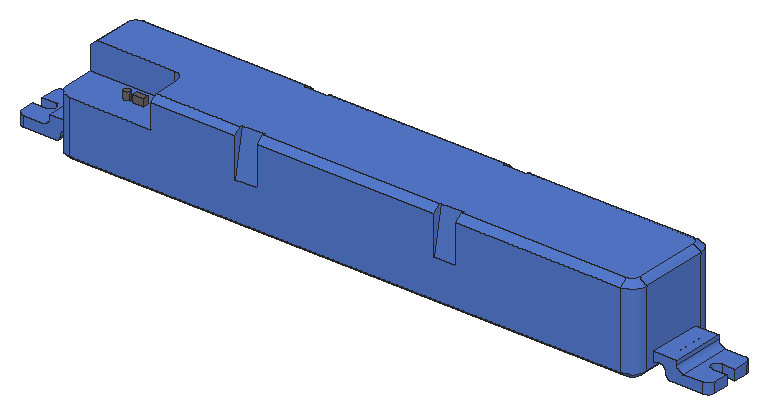
Revit family "3502A_NX_In_Fiture_Module_Inline", category Communication Devices, host Face, Revit 2014
Parameters
  Warranty = "5-Years Warranty"  # constant formula
  Voltage = 120 V
  Type Comments = "In-Fixture Module- Inline\r"  # constant formula
  Product Page URL = "https://www.hubbell.com/hubbellcontrolsolutions/en/Products/Lighting-Controls/Lighting-Controls-Sensors/NX-Distributed-Intelligence-Lighting-Controls/NX-In-Fixture-Module---Inline/p/2496691"
  Product Documentation Link = "https://hubbellcdn.com/specsheet/3502A_NX_In_Fixture_Module_Inline_Specification_Sheet.pdf"
  URL = "https://www.hubbell.com/hubbellcontrolsolutions/en"
  Model = " NXFM series in-fixture module"  # constant formula
  Manufacturer = "Hubbell Control Solutions"  # constant formula
  Sensing Element = Paint - Hubbell - Carbon Black
  Features = "Designed for installation within luminaire housing\r\n• Universal Voltage, 120 - 347V\r\n• Space saving in-line flying leads, connector and mounting tabs\r\n• Integral relay for On/Off control\r\n• Continuous dimming 0 - 10V\r\n• Second dimming channel for variable color temperature\r\n• Compatible with SpectraSync™ enabled luminaires\r\n• Wireless programming via free Smart Device App*\r\n• Create and download schedules via Smart Device App*\r\n• SmartPORT™ technology for plug-in control and radio options\r\n• Suitable for indoor and outdoor applications\r\n• 5 year limited warranty"  # constant formula
  Electrical Rating = "Input: 120-347VAC, 10A Max, 50-60Hz\r\nOutput: 10A, 120VAC only Incandescent\r\n 10A, 120-347VAC, Magnetic Ballast\r\n 5A, 120-277VAC, Electronic Ballast\r\n 3A, 347VAC, Electronic Ballast\r\nSurge Withstand: 2000V\r\nPeak Inrush: 160A for 2 ms Max"  # constant formula
  Description = "It enables a complete control solution for a single luminaire"  # constant formula
  Default Elevation = 48.00"
  Create Date = "10/15/2018"
  Copyright = "Copyright © 2018 Hubbell Control Solutions"  # constant formula
  Contact Us = "https://www.hubbell.com/hubbellcontrolsolutions/en/contactUs?productId=220947"
  Housing Material = Metal-Hubbell-Aluminum Anodized Blue
  Certifications = "Conforms with UL916 and Certified to CAN/CSA C22.2 No. 205-M1983\r\nIC Approved"
  Assembly Code = "D5090"
  Apparent Load = 0 VA
Reference planes (in)
  plane 1 "Center (Front/Back)": y = 11.68155
  plane 2: z = 0
  plane 3 "Center (Left/Right)": x = 0
  plane 4: z = 1.38
  plane 5: y = 11.98155
  plane 6: y = 11.38155
  plane 7: x = -3.95
  plane 8: x = 3.95
  plane 9: x = 3.3
  plane 10: x = -3.3
Forms (in)
  Extrusion 1, solid, material "Metal-Hubbell-Aluminum Anodized Blue" <- "Housing Material"
    sketch origin (0, 0, 0) x (1, 0, 0) y (0, 1, 0)
      loop
        arc (-3.13909, 12.23155) -> (-3.25287, 12.18442) -> (-3.3, 12.07064) r 0.16091
        line (-3.3, 12.07064) -> (-3.3, 11.29078)
        arc (-3.3, 11.29078) -> (-3.25337, 11.17819) -> (-3.14078, 11.13155) r 0.15922
        line (-3.14078, 11.13155) -> (3.14, 11.13155)
        arc (3.14, 11.13155) -> (3.25314, 11.17842) -> (3.3, 11.29155) r 0.16
        line (3.3, 11.29155) -> (3.3, 12.07155)
        arc (3.3, 12.07155) -> (3.25314, 12.18469) -> (3.14, 12.23155) r 0.16
        line (3.14, 12.23155) -> (-3.13909, 12.23155)
    from 1 to 0
  Extrusion 2, solid, material "Metal-Hubbell-Aluminum Anodized Blue" <- "Housing Material"
    sketch origin (0, 11.68155, 0) x (1, 0, 0) y (0, 0, 1)
      loop
        line (-3.95, 0) -> (-3.50334, 0)
        arc (-3.50334, 0) -> (-3.46562, 0.01562) -> (-3.45, 0.05334) r 0.05334
        arc (-3.45, 0.05334) -> (-3.39538, 0.13419) -> (-3.3, 0.11369) r 0.08714
        line (-3.3, 0.11369) -> (-3.3, 0.23146) -> (-3.56974, 0.23146) -> (-3.56974, 0.18777)
        arc (-3.56974, 0.18777) -> (-3.59144, 0.13539) -> (-3.64382, 0.11369) r 0.07408
        line (-3.64382, 0.11369) -> (-3.95, 0.11369) -> (-3.95, 0)
      loop
        line (3.95, 0) -> (3.95, 0.11369) -> (3.64382, 0.11369)
        arc (3.64382, 0.11369) -> (3.59144, 0.13539) -> (3.56974, 0.18777) r 0.07408
        line (3.56974, 0.18777) -> (3.56974, 0.23146) -> (3.3, 0.23146) -> (3.3, 0.11369)
        arc (3.3, 0.11369) -> (3.39538, 0.13419) -> (3.45, 0.05334) r 0.08714
        arc (3.45, 0.05334) -> (3.46562, 0.01562) -> (3.50334, 0) r 0.05334
        line (3.50334, 0) -> (3.95, 0)
    from 0.3 to -0.3
  Sweep 3, void
    path in 3D
      loop
        arc (-3.13909, 12.23155, 1) -> (-3.25287, 12.18442, 1) -> (-3.3, 12.07064, 1) r 0.16091
        line (-3.3, 12.07064, 1) -> (-3.3, 11.29078, 1)
        arc (-3.3, 11.29078, 1) -> (-3.25337, 11.17819, 1) -> (-3.14078, 11.13155, 1) r 0.15922
        line (-3.14078, 11.13155, 1) -> (3.14, 11.13155, 1)
        arc (3.14, 11.13155, 1) -> (3.25314, 11.17842, 1) -> (3.3, 11.29155, 1) r 0.16
        line (3.3, 11.29155, 1) -> (3.3, 12.07155, 1)
        arc (3.3, 12.07155, 1) -> (3.25314, 12.18469, 1) -> (3.14, 12.23155, 1) r 0.16
        line (3.14, 12.23155, 1) -> (-3.13909, 12.23155, 1)
    profile origin (0.00046, 12.23155, 1) x (0, -1, 0) y (0, 0, 1)
      loop
        line (-0.05305, 0.02815) -> (-0.05305, -0.14827)
        arc (-0.05305, -0.14827) -> (0.02539, -0.03978) -> (0.14076, 0.02815) r 0.32681
        line (0.14076, 0.02815) -> (-0.05305, 0.02815)
  Extrusion 4, void
    sketch origin (0, 0, 0) x (1, 0, 0) y (0, 1, 0)
      loop
        line (-3.3, 11.13155) -> (-2.21869, 11.13155) -> (-2.21869, 11.49441)
        arc (-2.21869, 11.49441) -> (-2.25886, 11.59138) -> (-2.35584, 11.63155) r 0.13715
        line (-2.35584, 11.63155) -> (-3.3, 11.63155) -> (-3.3, 11.13155)
    from 1 to 0.66621
  Extrusion 5, void
    sketch origin (0, 0, 0) x (1, 0, 0) y (0, 1, 0)
      loop
        line (-3.95, 11.6171) -> (-3.79428, 11.6171)
        arc (-3.79428, 11.6171) -> (-3.73128, 11.6801) -> (-3.79428, 11.7431) r 0.063
        line (-3.79428, 11.7431) -> (-3.95, 11.7431) -> (-3.95, 11.6171)
      loop
        line (-3.95, 11.98155) -> (-3.95, 11.91272)
        arc (-3.95, 11.91272) -> (-3.92222, 11.96202) -> (-3.86912, 11.98155) r 0.08193
        line (-3.86912, 11.98155) -> (-3.95, 11.98155)
      loop
        line (-3.95, 11.38155) -> (-3.86912, 11.38155)
        arc (-3.86912, 11.38155) -> (-3.92222, 11.40109) -> (-3.95, 11.45039) r 0.08193
        line (-3.95, 11.45039) -> (-3.95, 11.38155)
      loop
        line (3.95, 11.6171) -> (3.95, 11.7431) -> (3.79428, 11.7431)
        arc (3.79428, 11.7431) -> (3.73128, 11.6801) -> (3.79428, 11.6171) r 0.063
        line (3.79428, 11.6171) -> (3.95, 11.6171)
      loop
        line (3.95, 11.98155) -> (3.86912, 11.98155)
        arc (3.86912, 11.98155) -> (3.92222, 11.96202) -> (3.95, 11.91272) r 0.08193
        line (3.95, 11.91272) -> (3.95, 11.98155)
      loop
        line (3.95, 11.38155) -> (3.95, 11.45039)
        arc (3.95, 11.45039) -> (3.92222, 11.40109) -> (3.86912, 11.38155) r 0.08193
        line (3.86912, 11.38155) -> (3.95, 11.38155)
    from 1 to 0
  Extrusion 6, void
    sketch origin (0, 0, 0) x (0, -1, 0) y (0, 0, 1)
      loop
        line (-12.23155, 1) -> (-12.23155, 0.49375) -> (-12.13005, 1) -> (-12.23155, 1)
    from 1.26 to 1.00583
  Extrusion 7, void
    sketch origin (0, 0, 0) x (0, -1, 0) y (0, 0, -1)
      loop
        line (-12.23155, -1.02815) -> (-12.12441, -1.02815) -> (-12.23155, -0.49375) -> (-12.23155, -1.02815)
    from 1.26 to 1.00583
  Extrusion 8, void
    sketch origin (0, 23.36311, 0) x (0, 1, 0) y (0, 0, -1)
      loop
        line (-12.23155, -1) -> (-12.13005, -1) -> (-12.23155, -0.49375) -> (-12.23155, -1)
    from 1.26 to 1.00583
  Extrusion 9, void
    sketch origin (0, 23.36311, 0) x (0, 1, 0) y (0, 0, 1)
      loop
        line (-12.23155, 1) -> (-12.23155, 0.49375) -> (-12.13005, 1) -> (-12.23155, 1)
    from 1.26 to 1.00583
  Sweep 10, void
    path in 3D
      loop
        arc (-3.13909, 12.23155, 0) -> (-3.25287, 12.18442, 0) -> (-3.3, 12.07064, 0) r 0.16091
        line (-3.3, 12.07064, 0) -> (-3.3, 11.29078, 0)
        arc (-3.3, 11.29078, 0) -> (-3.25337, 11.17819, 0) -> (-3.14078, 11.13155, 0) r 0.15922
        line (-3.14078, 11.13155, 0) -> (3.14, 11.13155, 0)
        arc (3.14, 11.13155, 0) -> (3.25314, 11.17842, 0) -> (3.3, 11.29155, 0) r 0.16
        line (3.3, 11.29155, 0) -> (3.3, 12.07155, 0)
        arc (3.3, 12.07155, 0) -> (3.25314, 12.18469, 0) -> (3.14, 12.23155, 0) r 0.16
        line (3.14, 12.23155, 0) -> (-3.13909, 12.23155, 0)
    profile origin (0.00046, 12.23155, 0) x (0, 1, 0) y (0, 0, -1)
      loop
        line (0.05305, 0.02815) -> (-0.14076, 0.02815)
        arc (-0.14076, 0.02815) -> (-0.02539, -0.03978) -> (0.05305, -0.14827) r 0.32681
        line (0.05305, -0.14827) -> (0.05305, 0.02815)
  Extrusion 11, solid, material "Paint - Hubbell - Carbon Black" <- "Sensing Element"
    sketch origin (0, 0, 0) x (1, 0, 0) y (0, 1, 0)
      loop
        line (-2.53306, 11.41489) -> (-2.53306, 11.47192) -> (-2.65555, 11.47192) -> (-2.65555, 11.41489) -> (-2.53306, 11.41489)
      loop
        circle (-2.74061, 11.44083) r 0.03657
    from 0.74561 to 0.56999
Cuts and joins
  Sweep 3, Extrusion 4, Extrusion 6, Extrusion 7, Extrusion 8, Extrusion 9, Sweep 10 cuts Extrusion 1
  Extrusion 4, Extrusion 5 cuts Extrusion 2
  joined: Extrusion 1, Extrusion 2
Lines and regions (in)
  sketch lines
    curve 1: line (3.14, 12.23155, 1) -> (-3.13909, 12.23155, 1)
    curve 2: arc (-3.3, 12.07064, 1) -> (-3.25287, 12.18442, 1) -> (-3.13909, 12.23155, 1) r 0.16091
    curve 3: line (-3.3, 12.07064, 1) -> (-3.3, 11.29078, 1)
    curve 4: arc (-3.14078, 11.13155, 1) -> (-3.25337, 11.17819, 1) -> (-3.3, 11.29078, 1) r 0.15922
    curve 5: line (3.3, 11.29155, 1) -> (3.3, 12.07155, 1)
    curve 6: arc (3.14, 12.23155, 1) -> (3.25314, 12.18469, 1) -> (3.3, 12.07155, 1) r 0.16
    curve 7: arc (3.3, 11.29155, 1) -> (3.25314, 11.17842, 1) -> (3.14, 11.13155, 1) r 0.16
    curve 8: line (-3.14078, 11.13155, 1) -> (3.14, 11.13155, 1)
    curve 9: line (3.14, 12.23155, 0) -> (-3.13909, 12.23155, 0)
    curve 10: arc (-3.3, 12.07064, 0) -> (-3.25287, 12.18442, 0) -> (-3.13909, 12.23155, 0) r 0.16091
    curve 11: line (-3.3, 12.07064, 0) -> (-3.3, 11.29078, 0)
    curve 12: arc (-3.14078, 11.13155, 0) -> (-3.25337, 11.17819, 0) -> (-3.3, 11.29078, 0) r 0.15922
    curve 13: line (3.3, 11.29155, 0) -> (3.3, 12.07155, 0)
    curve 14: arc (3.14, 12.23155, 0) -> (3.25314, 12.18469, 0) -> (3.3, 12.07155, 0) r 0.16
    curve 15: arc (3.3, 11.29155, 0) -> (3.25314, 11.17842, 0) -> (3.14, 11.13155, 0) r 0.16
    curve 16: line (-3.14078, 11.13155, 0) -> (3.14, 11.13155, 0)
Dimensions and locks (in)
  plane 4 to plane 2 = 1.38"
  cut or joined group of Extrusion 1, Extrusion 2, Sweep 3, Extrusion 4, Extrusion 5, Extrusion 6, Extrusion 7, Extrusion 8, Extrusion 9, Sweep 10 to host face = 0.66621"
  aligned and locked: plane 2 to host face
  aligned and locked: level to host face
  aligned and locked: Extrusion 2 to plane 5
  aligned and locked: plane 6 to Extrusion 2
